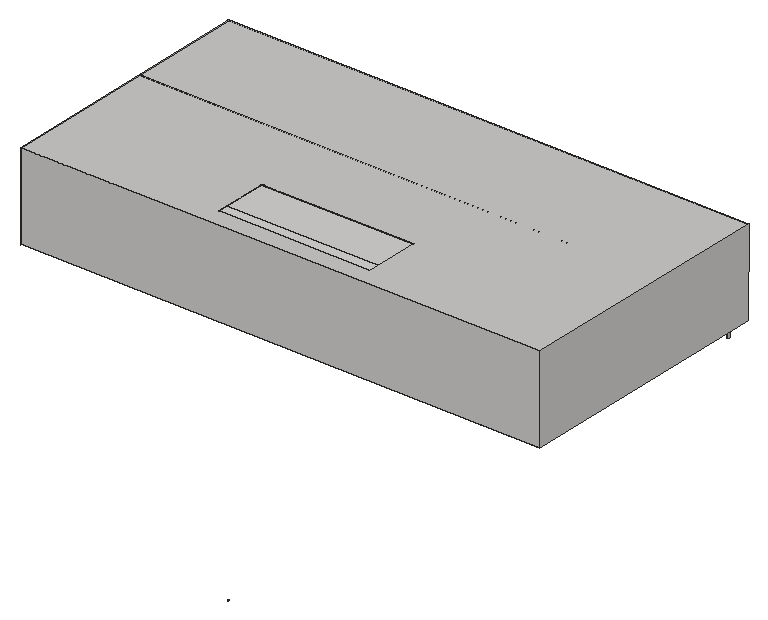
Revit family "QF_ELECTROLUXPROFESSIONAL_643323_DK1224", category Attrezzature speciali, Revit 2021
Family settings
  Quota connettore circolare = Usa diametro
  Tipo di parte = Normale
  Basato su piano di lavoro = No
  Sempre verticale = Sì
  Taglio con vuoti quando caricato = No
  Condiviso = No
  Punto di calcolo locali = No
Parameters (values of type "Standard")
  Weight = 64.00 kg
  Watts = 0 W
  Volts = 0 V
  URL Manufacturer = "https://www.electroluxprofessional.com/"
  URL = "https://www.electroluxprofessional.com/"
  Steam Supply Size = 0 mm
  Steam Supply Minimum Pressure = 0.0 Pa
  Steam Supply Maximum Pressure = 0.0 Pa
  Steam Consumption per Hour = 0
  Refrigeration Suction Line Size = 0 mm
  Refrigeration Liquid Line Size = 0 mm
  Refrigerant Compressor Remote = yes
  Prospetto di default = 0 mm
  Produttore = "Electrolux Professional"
  Phase = 0
  Modello = "DK1224"
  Length Actual = 2400 mm  # constant formula
  Item Number = "643323"
  Hot Water Size = 0 mm
  Height Actual = 400 mm  # constant formula
  HP = "0 HP"
  Gas Size = 0 mm
  Gas KW = 0
  Gas Input Pressure = 0 W
  Direct Waste Size = 0 mm
  Descrizione = "304 AISI S/S WALL HOOD FOR DW 240X120"
  Depth Actual = 1200 mm  # constant formula
  Cycle = 0 Hz
  Condensate Return Size = 0 mm
  Compressed Air Volume = 0.0 L/s
  Compressed Air Size = 0 mm
  Compressed Air Pressure = 0.0 Pa
  Cold Water Size = 0 mm
  Accessory = yes
Reference planes
  plane 1: z = 0
  plane 2 "Center (Left/Right)": x = 150
  plane 3 "LEFT": x = -1050
  plane 4 "RIGHT": x = 1350
  plane 5 "BACK": y = 550
  plane 6 "TOP": z = 2400
  plane 7 "Base": z = 2000
  plane 8: z = 1970
  plane 9 "DrainY": y = 450
  plane 10: x = -1047
  plane 11: y = -320
  plane 12: y = -570
  plane 13 "DrainX": x = 1337
  plane 14 "AOLeft2": x = 500
  plane 15: x = 1347
  plane 16: x = -850
  plane 17: x = 1150
  plane 18 "Center (Front/Back)": y = -50
  plane 19 "Front": y = -650
  plane 20 "AOLeft1": x = -200
Forms (mm)
  Extrusion 1, solid, material "QF_Finishes_Stainless Steel"
    sketch origin (-1050, 0, 360) x (0, 1, 0) y (0, 0, 1)
      loop
        line (550, 1640) -> (550, 2040) -> (-650, 2040) -> (-650, 1640) -> (550, 1640)
    from 0 to 3
  Extrusion 2, solid, material "QF_Finishes_Stainless Steel"
    sketch origin (1350, 0, 360) x (0, 1, 0) y (0, 0, 1)
      loop
        line (550, 1640) -> (550, 2040) -> (-650, 2040) -> (-650, 1640) -> (550, 1640)
    from 0 to -3
  Extrusion 3, solid, material "QF_Finishes_Stainless Steel"
    sketch origin (150, 0, 360) x (0, 1, 0) y (0, 0, 1)
      loop
        line (-650, 2040) -> (-650, 1640) -> (-640, 1640) -> (-640, 1640.8) -> (-649.2, 1640.8) -> (-649.2, 2039.19) -> (549.2, 2039.19) -> (549.2, 1640.8) -> (540, 1640.8) -> (540, 1640) -> (550, 1640) -> (550, 2040) -> (-650, 2040)
    from -1200 to 1200
  Extrusion 4, solid, material "QF_Finishes_Stainless Steel"
    sketch origin (0, 0, 2000) x (0, 1, 0) y (-1, 0, 0)
      loop
        circle (450, -1337) r 4.763
    from -30 to 0
  Extrusion 5, void
    sketch origin (0, 0, 2400) x (0, 1, 0) y (-1, 0, 0)
      loop
        line (-320, -500) -> (-320, 200) -> (-570, 200) -> (-570, -500) -> (-320, -500)
    from 0 to -10
  Extrusion 6, solid, material "QF_Finishes_Stainless Steel"
    sketch origin (0, 0, 0) x (1, 0, 0) y (0, 1, 0)
      loop
        line (-1050, 550) -> (-1050, 549) -> (-1049, 549) -> (-1049, 550) -> (-1050, 550)
    from 0 to 1
  Sweep 7, solid, material "QF_Finishes_Stainless Steel"
    path origin (0, 0, 0) x (1, 0, 0) y (0, 1, 0)
      loop
        line (1350, 550) -> (-1050, 550) -> (-1050, -650) -> (1350, -650) -> (1350, 550)
    profile origin (1350, -50, 0) x (1, 0, 0) y (0, 0, 1)
      loop
        line (-3, 2000) -> (-3, 2000.8) -> (-19, 2000.8) -> (-19, 2010) -> (-20, 2010) -> (-20, 2000) -> (-3, 2000)
  Extrusion 8, solid, material "QF_Finishes_Stainless Steel"
    sketch origin (150, 0, 0) x (0, 1, 0) y (0, 0, 1)
      loop
        line (35, 2399.19) -> (34.2, 2399.19) -> (34.2, 2329.838) -> (-320.309, 2254.485) -> (-614.003, 2066.672) -> (-614.003, 2000.8) -> (-613.203, 2000.8) -> (-613.203, 2066.234) -> (-320, 2253.732) -> (35, 2329.19) -> (35, 2399.19)
    from -1197 to 1197
Cuts and joins
  Extrusion 5 cuts Extrusion 3
  joined: Extrusion 2, Extrusion 3, Sweep 7
Lines and regions (mm)
  symbolic lines, style "SpecialityEquipment", detail levels coarse
    curve 1: line (1350, 550, 2400) -> (-1050, 550, 2400)
    curve 2: line (-1050, 550, 2400) -> (-1050, -650, 2400)
    curve 3: line (1350, -650, 2400) -> (1350, 550, 2400)
    curve 4: line (-1050, 550, 0) -> (1350, -650, 0)
    curve 5: line (1350, 550, 0) -> (-1050, -650, 0)
    curve 6: line (-1050, -650, 0) -> (1350, -650, 0)
  symbolic lines, detail levels coarse
    curve 7: line (-200, -570, 0) -> (500, -570, 0)
    curve 8: line (-200, -320, 0) -> (-200, -570, 0)
    curve 9: line (500, -320, 0) -> (-200, -320, 0)
    curve 10: line (500, -570, 0) -> (500, -320, 0)
Dimensions and locks
  plane 3 "LEFT" to plane 4 "RIGHT" = 2400 mm
  equal spacing: plane 3 "LEFT", plane 2 "Center (Left/Right)", plane 4 "RIGHT"
  plane 7 "Base" to plane 8 = 30 mm
  plane 5 "BACK" to plane 9 "DrainY" = 100 mm  (x2)
  plane 3 "LEFT" to plane 10 = 3 mm
  plane 13 "DrainX" to plane 4 "RIGHT" = 13 mm
  plane 15 to plane 4 "RIGHT" = 3 mm
  plane 3 "LEFT" to plane 16 = 200 mm
  plane 17 to plane 4 "RIGHT" = 200 mm
  locked: plane 7 "Base" to level at 2000
  locked: plane 6 "TOP" to plane 7 "Base" at 400
  plane 5 "BACK" to plane 19 "Front" = 1200 mm  (x2)
  equal spacing: plane 5 "BACK", plane 18 "Center (Front/Back)", plane 19 "Front"
  plane 12 to plane 19 "Front" = 80 mm
  locked: plane 11 to plane 12 at 250
  locked: plane 20 "AOLeft1" to plane 14 "AOLeft2" at 700
  equal spacing: plane 20 "AOLeft1", plane 2 "Center (Left/Right)", plane 14 "AOLeft2"
  aligned and locked: level to plane 1
  aligned and locked: plane 4 "RIGHT" to Extrusion 3
  aligned and locked: Extrusion 3 to plane 3 "LEFT"
  aligned and locked: Extrusion 5 to plane 12
  aligned and locked: Extrusion 5 to plane 11
  aligned and locked: Extrusion 2 to plane 15
  aligned and locked: Extrusion 8 to plane 10
  aligned and locked: plane 15 to Extrusion 8
  aligned and locked: Extrusion 5 to plane 20 "AOLeft1"
  aligned and locked: Extrusion 5 to plane 14 "AOLeft2"
Automatic sketch dimensions
  Extrusion 1 sketch curve to plane 7 "Base" = 0 mm
  Extrusion 1 sketch curve to plane 19 "Front" = 0 mm
  Extrusion 1 sketch curve to plane 5 "BACK" = 0 mm
  Extrusion 1 sketch curve to plane 6 "TOP" = 0 mm
  Extrusion 2 sketch curve to plane 7 "Base" = 0 mm
  Extrusion 2 sketch curve to plane 19 "Front" = 0 mm
  Extrusion 2 sketch curve to plane 5 "BACK" = 0 mm
  Extrusion 2 sketch curve to plane 6 "TOP" = 0 mm
  Extrusion 3 sketch curve to plane 6 "TOP" = 0 mm
  Extrusion 3 sketch curve to plane 19 "Front" = 0 mm
  Extrusion 3 sketch curve to plane 7 "Base" = 0 mm  (x2)
  Extrusion 3 sketch curve to plane 5 "BACK" = 0 mm
  plane 19 "Front" to Extrusion 3 sketch curve = 0.8 mm
  Extrusion 3 sketch curve to Extrusion 3 sketch curve = 9.2 mm
  plane 7 "Base" to Extrusion 3 sketch curve = 0.8 mm  (x2)
  Extrusion 3 sketch curve to plane 5 "BACK" = 10 mm
  Extrusion 3 sketch curve to plane 5 "BACK" = 0.8 mm
  Extrusion 3 sketch curve to plane 6 "TOP" = 0.81 mm
  Extrusion 4 sketch curve to plane 9 "DrainY" = 0 mm
  Extrusion 4 sketch curve to plane 13 "DrainX" = 0 mm
  Extrusion 5 sketch curve to plane 12 = 0 mm
  plane 11 to Extrusion 5 sketch curve = 0 mm
  Extrusion 5 sketch curve to plane 14 "AOLeft2" = 0 mm
  Extrusion 5 sketch curve to plane 20 "AOLeft1" = 0 mm
  Extrusion 6 sketch curve to plane 3 "LEFT" = 0 mm
  Extrusion 6 sketch curve to plane 5 "BACK" = 0 mm
  plane 3 "LEFT" to Extrusion 6 sketch curve = 1 mm
  Extrusion 6 sketch curve to Extrusion 6 sketch curve = 1 mm
  Sweep 7 sketch curve to plane 3 "LEFT" = 0 mm
  Sweep 7 sketch curve to plane 4 "RIGHT" = 0 mm
  Sweep 7 sketch curve to plane 19 "Front" = 0 mm
  Sweep 7 sketch curve to plane 5 "BACK" = 0 mm
  profile plane to Sweep 7 sketch curve = 20 mm
  Sweep 7 sketch curve to Sweep 7 sketch curve = 1 mm
  profile plane to Sweep 7 sketch curve = 3 mm
  level to Sweep 7 sketch curve = 2000 mm
  Sweep 7 sketch curve to Sweep 7 sketch curve = 0.8 mm
  Sweep 7 sketch curve to Sweep 7 sketch curve = 9.2 mm
  curve 5 to plane 3 "LEFT" = 0 mm
  curve 4 to plane 3 "LEFT" = 0 mm
  curve 6 to plane 19 "Front" = 0 mm
  curve 5 to plane 4 "RIGHT" = 0 mm
  curve 6 to plane 4 "RIGHT" = 0 mm
  curve 5 to plane 5 "BACK" = 0 mm
  curve 4 to plane 5 "BACK" = 0 mm
  curve 2 to plane 3 "LEFT" = 0 mm
  curve 2 to plane 19 "Front" = 0 mm
  curve 3 to plane 4 "RIGHT" = 0 mm
  curve 3 to plane 19 "Front" = 0 mm
  curve 2 to plane 5 "BACK" = 0 mm
  Extrusion 8 sketch curve to plane 11 = 0 mm
  plane 11 to Extrusion 8 sketch curve = 0.309 mm
  plane 7 "Base" to Extrusion 8 sketch curve = 0.8 mm
  plane 19 "Front" to Extrusion 8 sketch curve = 36.797 mm
  Extrusion 8 sketch curve to Extrusion 8 sketch curve = 0.8 mm  (x2)
  plane 18 "Center (Front/Back)" to Extrusion 8 sketch curve = 84.2 mm
  Extrusion 8 sketch curve to Extrusion 8 sketch curve = 65.434 mm
  Extrusion 8 sketch curve to plane 6 "TOP" = 146.268 mm
  Extrusion 8 sketch curve to Extrusion 8 sketch curve = 0.752 mm
  Extrusion 8 sketch curve to plane 6 "TOP" = 70.81 mm
  Extrusion 8 sketch curve to Extrusion 8 sketch curve = 0.648 mm
  Extrusion 8 sketch curve to Extrusion 8 sketch curve = 0.438 mm
  Extrusion 8 sketch curve to plane 6 "TOP" = 0.81 mm
  curve 7 to plane 12 = 0 mm
  curve 7 to plane 20 "AOLeft1" = 0 mm
  plane 11 to curve 8 = 0 mm
  curve 9 to plane 14 "AOLeft2" = 0 mm
  radius of Extrusion 4 sketch curve = 4.763 mm
Connectors
  piping at (1337, 450, 1970), diameter 9.5
    settings: on Extrusion 4, index 1, connector inside diameter 609.6 mm, connector length 0 mm, flow factor 0, pipe flow 0.0 L/s, pressure drop 0.0 Pa, fitting loss kfactor 0, connector angle 0.00°, fixture units 0, engagement length 0 mm, angle of deflection 0.00°, flow configuration 1, flow direction 2, fitting loss method 0, system type 16, joint type 0, gender type 0, connector reference index -1, connector utility 0, adjustable connector no, is connector primary yes, connector description "Drain"
  hvac at (150, -445, 2400)
    settings: on Extrusion 5, index 2, duct flow 0.0 L/s, flow factor 0, pres drop 0.0 Pa, loss coef 0, conn angle 0.00°, conn width 250 mm, conn height 700 mm, conn diameter 609.6 mm, duct sys type 3, conn prof type 1, flow config 1, flow direction 2, loss method 0, conn ref index -1, conn util no, is conn primary yes, conn desc "EXHAUST OUTLET"
